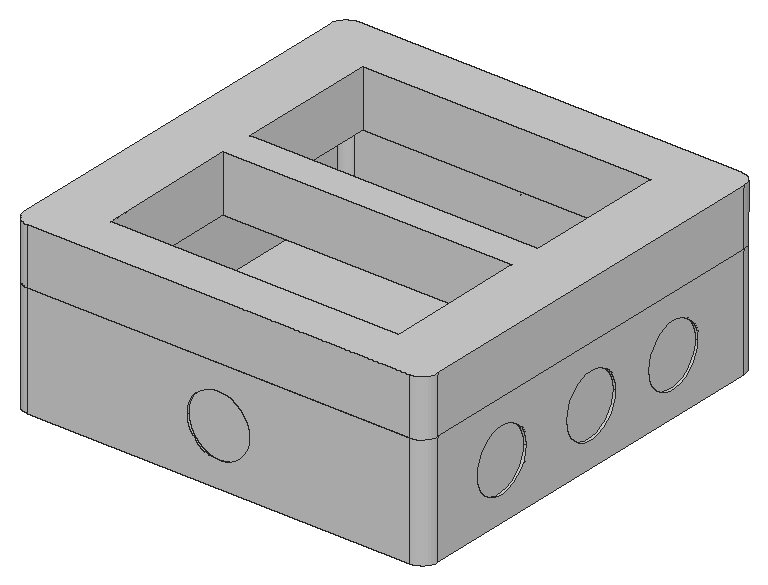
Revit family "Domotics-DomesticRanges-GEWISS-27COMBI_SYSTEM-IP40_2P+2P_4P+4P_VERTICAL", category Apparecchi elettrici, host Superficie, Revit 2016
Family settings
  Host = Superficie
  Mantenere orientamento annotazione = Sì
  Tipo di parte = Normale
  Quota connettore circolare = Usa diametro
  Numero OmniClass = 23.80.30.14.24
  Titolo OmniClass = Junction Boxes
  Taglio con vuoti quando caricato = Sì
  Condiviso = No
  Punto di calcolo locali = No
Parameters (values of type "GW27023 - 4x2 gangs vertical")
  Version file RFA = "19.4"
  URL = "https://www.gewiss.com/ww/en"
  Type of knockout holes = "Removable with tool"
  Torque screws tightening = "0,8NM"
  Tipo = SYSTEM CONTENITORI IP40 2P V_BASE : GW27023 - 4x2 posti verticali
  Thermo-pressure with ball = "70 °C"
  Technical sheet = "https://www.gewiss.com/ww/en/search?q=GW27023"
  Standard; = "EN 60670-1"
  Shock resistance = "IK07"
  SEO = "Enclosure"
  SCATOLA = GEWISS GRIGIO
  Realized by GEWISS S.p.A. = ""
  Produttore = "GEWISS S.p.A."
  Outer dim. LxHxD (mm) = "132x132x55"
  Offset contenitore [instance] = 0 mm
  Offset bidimensionale [instance] = Offset contenitore + 55 mm  # 55 mm
  No. knockout holes Ã˜23 = "10 on sides / 2 on the bottom"
  No. knockout holes Ã˜ 23 = "10"
  Modello = "GW27023"
  Lid screws = "Corrosion-resistant steel"
  Larghezza scatola = 132 mm
  Insulation class = "II"
  Installation temperature = "-25 +60 °C"
  IP degree = "IP40"
  IFC.TypeObject = ""
  IFC.ExportType = ""
  IFC.ExportAs = ""
  IDT = "4d4beacb-d2a6-41e4-b355-89df3d8816e0"
  IDF = "72868545-ab61-4fad-907f-e0b3bef43cf3"
  Glow Wire Test = "650°C"
  Electrocod = "0212"
  EAN code = "8011564055346"
  Distanza simbolo [instance] = 231.658 mm
  Default Elevation = 1219.2 mm
  Immagine tipo = GW27021.jpg
  Dimensions LxHxD (mm) = "132x132x55"
  Descrizione = "VERT.8(2X4) GANG ENCLOSURE IP40"
  Description: = "8 gang"
  Configuration = "Module 4 x 2"
  Compartment pre-arrangement = "2"
  Colour = "Grey RAL 7035"
  Characteristics = "Halogen free"
  Catalogue Range = "27COMBI"
  Catalogue = "DOMOTICS"
  COBie.Tagnumber = ""
  COBie.CreatedOn = ""
  COBie.CreatebBy = ""
  COBie.ComponentRegisterItemID = ""
  COBie.Component.TagNumber = ""
  COBie.Component.Space = ""
  COBie.Component.SerialNumber = ""
  COBie.Component.InstallationDate = ""
  COBie.Component.Description = ""
  COBie.Component.BarCode = ""
  Bidimensionale = bidimensionale system contenitori IP40 2PV : 4P
  Altezza simbolo [instance] = 102.729 mm
Types (2, lengths in mm): name | Tipo | Technical sheet | Outer dim. LxHxD (mm) | No. knockout holes Ã˜23 | No. knockout holes Ã˜ 23 | Modello | Larghezza scatola | IDT | EAN code | Dimensions LxHxD (mm) | Descrizione | Description: | Configuration | Compartment pre-arrangement | Bidimensionale
  GW27021 - 2x2 gangs vertical | SYSTEM CONTENITORI IP40 2P V_BASE : GW27021 - 2x2 posti verticali | "https://www.gewiss.com/ww/en/search?q=GW27021" | "82x132x55" | "8 on sides / 1 on the bottom" | "8" | "GW27021" | 82 | "6e7f8601-3478-4fb6-9b79-c6df41029a42" | "8011564055322" | "82x132x55" | "VERT.4(2X2) GANG ENCLOSURE IP40" | "4 gang" | "Module 2 x 2" | "1" | bidimensionale system contenitori IP40 2PV : 2P
  GW27023 - 4x2 gangs vertical | SYSTEM CONTENITORI IP40 2P V_BASE : GW27023 - 4x2 posti verticali | "https://www.gewiss.com/ww/en/search?q=GW27023" | "132x132x55" | "10 on sides / 2 on the bottom" | "10" | "GW27023" | 132 | "4d4beacb-d2a6-41e4-b355-89df3d8816e0" | "8011564055346" | "132x132x55" | "VERT.8(2X4) GANG ENCLOSURE IP40" | "8 gang" | "Module 4 x 2" | "2" | bidimensionale system contenitori IP40 2PV : 4P
Reference planes
  plane 1 "Centro (Fronte/Retro)": y = 0
  plane 2: z = 0
  plane 3 "Centro (Sinistra/Destra)": x = 0
  plane 4: z = 0
  plane 5 "piano bidimensionale": z = 55
  plane 6: y = 66
  plane 7: y = -66
  plane 8: x = -66
  plane 9: x = 66
Forms (mm)
  Extrusion 1, solid, material "GEWISS GRIGIO" <- "SCATOLA", detail levels coarse
    sketch origin (0, 0, 55) x (0, -1, 0) y (1, 0, 0)
      loop
        arc (-66, -61) -> (-64.536, -64.536) -> (-61, -66) r 5
        line (-61, -66) -> (61, -66)
        arc (61, -66) -> (64.536, -64.536) -> (66, -61) r 5
        line (66, -61) -> (66, 61)
        arc (66, 61) -> (64.536, 64.536) -> (61, 66) r 5
        line (61, 66) -> (-61, 66)
        arc (-61, 66) -> (-64.536, 64.536) -> (-66, 61) r 5
        line (-66, 61) -> (-66, -61)
    from -55 to 0
Lines and regions (mm)
  Masking region 1
    outline origin (0, 0, 0) x (1, 0, 0) y (0, 0, 1)
      loop
        line (-66, 0) -> (66, 0) -> (66, 55) -> (-66, 55) -> (-66, 0)
  Masking region 2
    outline origin (0, 0, 0) x (0, 1, 0) y (0, 0, 1)
      loop
        line (66, 55) -> (-66, 55) -> (-66, 0) -> (66, 0) -> (66, 55)
  Masking region 3, detail levels medium+fine
    outline origin (0, 0, 0) x (1, 0, 0) y (0, 0, 1)
      loop
        circle (0, 18.298) r 10
  Masking region 4, detail levels medium+fine
    outline origin (0, 0, 0) x (0, 1, 0) y (0, 0, 1)
      loop
        circle (0, 18.001) r 10
      loop
        circle (32.689, 18.001) r 10
      loop
        circle (-35.814, 18.001) r 10
Dimensions and locks
  "Offset contenitore": plane 4 to host face
  "Offset bidimensionale": plane 5 "piano bidimensionale" to plane 2
  "Larghezza scatola": plane 8 to plane 9
  equal spacing: plane 8, plane 3 "Centro (Sinistra/Destra)", plane 9
  equal spacing: plane 6, plane 1 "Centro (Fronte/Retro)", plane 7
  locked: plane 6 to plane 7 at 132
  aligned and locked: plane 2 to host face
  aligned and locked: level to host face
  aligned and locked: Extrusion 1 to plane 4
  aligned and locked: plane 5 "piano bidimensionale" to Extrusion 1
  aligned and locked: plane 4 to Extrusion 1  (x5)
  aligned and locked: plane 6 to Extrusion 1
  aligned and locked: Extrusion 1 to plane 8
  aligned and locked: Extrusion 1 to plane 7
  aligned and locked: plane 3 "Centro (Sinistra/Destra)" to nested 1
  aligned and locked: plane 1 "Centro (Fronte/Retro)" to nested 1
  aligned and locked: plane 9 to Extrusion 1 sketch curve
  aligned and locked: Extrusion 1 sketch curve to plane 8
  aligned and locked: plane 5 "piano bidimensionale" to nested 1
  aligned and locked: plane 3 "Centro (Sinistra/Destra)" to nested 2
  aligned and locked: plane 1 "Centro (Fronte/Retro)" to nested 2
  aligned and locked: nested 2 to plane 4
  aligned and locked: Masking region 1 sketch curve to Extrusion 1  (x3)
  aligned and locked: Masking region 1 sketch curve to nested 2
  aligned and locked: Masking region 2 sketch curve to Extrusion 1  (x3)
  aligned and locked: Masking region 2 sketch curve to nested 2
Automatic sketch dimensions
  host sketch curve to host sketch curve = 2438.4 mm  (x2)
  Extrusion 1 sketch curve to Extrusion 1 sketch curve = 5 mm  (x4)
  plane 1 "Centro (Fronte/Retro)" to Extrusion 1 sketch curve = 61 mm
  Extrusion 1 sketch curve to plane 1 "Centro (Fronte/Retro)" = 61 mm
  Masking region 3 sketch curve to plane 3 "Centro (Sinistra/Destra)" = 0 mm
  plane 4 to Masking region 3 sketch curve = 18.298 mm
  plane 1 "Centro (Fronte/Retro)" to Masking region 4 sketch curve = 0 mm
  plane 1 "Centro (Fronte/Retro)" to Masking region 4 sketch curve = 35.814 mm
  Masking region 4 sketch curve to Masking region 4 sketch curve = 32.689 mm
  plane 4 to Masking region 4 sketch curve = 18.001 mm  (x3)
  radius of Masking region 3 sketch curve = 10 mm
  radius of Masking region 4 sketch curve = 10 mm  (x3)
Nested families
  nested 1: "bidimensionale system contenitori IP40 2PV" at (0, 0, 55), type <- "Bidimensionale", type "4P", detail levels coarse
  nested 2: "SYSTEM CONTENITORI IP40 2P V_BASE" at (0, 0, 0), type <- "Tipo", type "GW27023 - 4x2 posti verticali"
Connectors
  cabletrayconduit at (-65.075, 32.75, 18), diameter 20
    settings: on nested 2, index 1, connector width 300 mm, connector height 300 mm, connector angle 0.00°, system type 32, placement type 0, profile type 0, connector reference index -1, is primary connector yes, connector utility param no, connector description ""
  cabletrayconduit at (-65.075, 0, 18), diameter 20
    settings: on nested 2, index 2, connector width 300 mm, connector height 300 mm, connector angle 0.00°, system type 32, placement type 0, profile type 0, connector reference index -1, is primary connector no, connector utility param no, connector description ""
  cabletrayconduit at (0, 66, 18), diameter 20
    settings: on nested 2, index 3, connector width 300 mm, connector height 300 mm, connector angle 0.00°, system type 32, placement type 0, profile type 0, connector reference index -1, is primary connector no, connector utility param no, connector description ""
  cabletrayconduit at (-65.075, -35.75, 18), diameter 20
    settings: on nested 2, index 4, connector width 300 mm, connector height 300 mm, connector angle 0.00°, system type 32, placement type 0, profile type 0, connector reference index -1, is primary connector no, connector utility param no, connector description ""
  cabletrayconduit at (0, -65.559, 18), diameter 20
    settings: on nested 2, index 5, connector width 300 mm, connector height 300 mm, connector angle 0.00°, system type 32, placement type 0, profile type 0, connector reference index -1, is primary connector no, connector utility param no, connector description ""
  cabletrayconduit at (64.922, -35.75, 18), diameter 20
    settings: on nested 2, index 6, connector width 300 mm, connector height 300 mm, connector angle 0.00°, system type 32, placement type 0, profile type 0, connector reference index -1, is primary connector no, connector utility param no, connector description ""
  cabletrayconduit at (64.922, 0, 18), diameter 20
    settings: on nested 2, index 7, connector width 300 mm, connector height 300 mm, connector angle 0.00°, system type 32, placement type 0, profile type 0, connector reference index -1, is primary connector no, connector utility param no, connector description ""
  cabletrayconduit at (66, 32.75, 18), diameter 20
    settings: on nested 2, index 8, connector width 300 mm, connector height 300 mm, connector angle 0.00°, system type 32, placement type 0, profile type 0, connector reference index -1, is primary connector no, connector utility param no, connector description ""
Definition of nested family "SYSTEM CONTENITORI IP40 2P V_BASE"
  Parameters (values of type "GW27021 - 2x2 posti verticali")
    SCATOLA = none
    PRESA = none
    Profondità scatola = 55 mm  # constant formula
    Larghezza scatola = 82 mm
    Larghezza foro = 46 mm
    Bidimensionale = 70 mm
    Altezza scatola = 132 mm  # constant formula
    Altezza foro = 45 mm
  Types (2, lengths in mm): name | Larghezza scatola | Larghezza foro
    GW27021 - 2x2 posti verticali | 82 | 46
    GW27023 - 4x2 posti verticali | 132 | 92
  Reference planes
    plane 1 "Centro (Fronte/Retro)": y = 0
    plane 2: z = 0
    plane 3 "Centro (Sinistra/Destra)": x = 0
    plane 4: y = -66
    plane 5: y = 66
    plane 6: x = -41
    plane 7: x = 41
    plane 8 "PIANO BIDIMENSIONALE": z = 70
    plane 9: z = 55
    plane 10: x = -23
    plane 11: x = 23
    plane 12: y = 48.75
    plane 13: y = 3.75
    plane 14: y = -6.75
    plane 15: y = -51.75
  Forms (mm)
    Extrusion 1, solid, material <- "SCATOLA", detail levels medium+fine
      sketch origin (0, 0, 66) x (0, -1, 0) y (1, 0, 0)
        loop
          arc (-66, -36) -> (-64.536, -39.536) -> (-61, -41) r 5
          line (-61, -41) -> (61, -41)
          arc (61, -41) -> (64.536, -39.536) -> (66, -36) r 5
          line (66, -36) -> (66, 36)
          arc (66, 36) -> (64.536, 39.536) -> (61, 41) r 5
          line (61, 41) -> (-61, 41)
          arc (-61, 41) -> (-64.536, 39.536) -> (-66, 36) r 5
          line (-66, 36) -> (-66, -36)
        loop
          line (61, 39) -> (-61, 39)
          arc (-61, 39) -> (-63.121, 38.121) -> (-64, 36) r 3
          line (-64, 36) -> (-64, -36)
          arc (-64, -36) -> (-63.121, -38.121) -> (-61, -39) r 3
          line (-61, -39) -> (61, -39)
          arc (61, -39) -> (63.121, -38.121) -> (64, -36) r 3
          line (64, -36) -> (64, 36)
          arc (64, 36) -> (63.121, 38.121) -> (61, 39) r 3
      from -66 to -30
    Extrusion 2, solid, material <- "SCATOLA", detail levels medium+fine
      sketch origin (0, 0, 56) x (0, -1, 0) y (1, 0, 0)
        loop
          line (-61, -41) -> (61, -41)
          arc (61, -41) -> (64.536, -39.536) -> (66, -36) r 5
          line (66, -36) -> (66, 36)
          arc (66, 36) -> (64.536, 39.536) -> (61, 41) r 5
          line (61, 41) -> (-61.002, 41)
          arc (-61.002, 41) -> (-64.536, 39.535) -> (-66, 36) r 5
          line (-66, 36) -> (-66, -36)
          arc (-66, -36) -> (-64.536, -39.536) -> (-61, -41) r 5
        loop
          line (51.75, 23) -> (6.75, 23) -> (6.75, -23) -> (51.75, -23) -> (51.75, 23)
        loop
          line (-48.75, -23) -> (-3.75, -23) -> (-3.75, 23) -> (-48.75, 23) -> (-48.75, -23)
      from -20 to -2
    Extrusion 3, void, detail levels medium+fine
      sketch origin (0, 0, 0) x (0, 1, 0) y (0, 0, 1)
        loop
          circle (0, 18) r 10
        loop
          circle (32.75, 18) r 10
        loop
          circle (-35.75, 18) r 10
      from 39.922 to 41
    Extrusion 4, void, detail levels medium+fine
      sketch origin (0, 25.408, 0) x (1, 0, 0) y (0, 0, -1)
        loop
          circle (0, -18) r 10
      from 39.592 to 40.592
    Extrusion 5, void, detail levels medium+fine
      sketch origin (-81, 0, 0) x (0, 1, 0) y (0, 0, 1)
        loop
          circle (0, 18) r 10
        loop
          circle (32.75, 18) r 10
        loop
          circle (-35.75, 18) r 10
      from 40 to 40.925
    Extrusion 6, void
      sketch origin (0, 0, 0) x (1, 0, 0) y (0, 0, 1)
        loop
          circle (0, 18) r 10
      from 65.559 to 66
    Extrusion 7, solid, material <- "SCATOLA", detail levels medium+fine
      sketch origin (0, 0, 0) x (1, 0, 0) y (0, 1, 0)
        loop
          line (-39, 61) -> (-39, -61)
          arc (-39, -61) -> (-38.121, -63.121) -> (-36, -64) r 3
          line (-36, -64) -> (36, -64)
          arc (36, -64) -> (38.121, -63.121) -> (39, -61) r 3
          line (39, -61) -> (39, 61)
          arc (39, 61) -> (38.121, 63.121) -> (36, 64) r 3
          line (36, 64) -> (-36, 64)
          arc (-36, 64) -> (-38.121, 63.121) -> (-39, 61) r 3
      from 0 to 2
  Cuts and joins
    Extrusion 3, Extrusion 4, Extrusion 5, Extrusion 6 cuts Extrusion 1
  Lines and regions (mm)
    Masking region 1
      outline origin (0, 0, 70) x (-1, 0, 0) y (0, -1, 0)
        loop
          circle (-36, -61) r 2
        loop
          line (23, -48.75) -> (23, -3.75) -> (-23, -3.75) -> (-23, -48.75) -> (23, -48.75)
        loop
          circle (36, 61) r 2
        loop
          line (23, 6.75) -> (23, 51.75) -> (-23, 51.75) -> (-23, 6.75) -> (23, 6.75)
        loop
          circle (36, -61) r 2
        loop
          circle (-36, 61) r 2
    Masking region 2
      outline origin (0, 0, 70) x (-1, 0, 0) y (0, -1, 0)
        loop
          circle (-36, -61) r 2
        loop
          line (23, 6.75) -> (23, 51.75) -> (-23, 51.75) -> (-23, 6.75) -> (23, 6.75)
        loop
          line (41, -61) -> (41, 61)
          arc (41, 61) -> (39.536, 64.536) -> (36, 66) r 5
          line (36, 66) -> (-36, 66)
          arc (-36, 66) -> (-39.536, 64.536) -> (-41, 61) r 5
          line (-41, 61) -> (-41, -61)
          arc (-41, -61) -> (-39.536, -64.536) -> (-36, -66) r 5
          line (-36, -66) -> (36, -66)
          arc (36, -66) -> (39.536, -64.536) -> (41, -61) r 5
        loop
          circle (36, 61) r 2
        loop
          line (23, -3.75) -> (-23, -3.75) -> (-23, -48.75) -> (23, -48.75) -> (23, -3.75)
        loop
          circle (36, -61) r 2
        loop
          circle (-36, 61) r 2
  Dimensions and locks
    equal spacing: plane 4, plane 1 "Centro (Fronte/Retro)", plane 5
    plane 4 to plane 5 = 132 mm
    equal spacing: plane 6, plane 3 "Centro (Sinistra/Destra)", plane 7
    "Larghezza scatola": plane 6 to plane 7
    equal spacing: plane 5, plane 1 "Centro (Fronte/Retro)", plane 4
    "Altezza scatola": plane 5 to plane 4
    "Bidimensionale": plane 8 "PIANO BIDIMENSIONALE" to level
    "Profondità scatola": plane 9 to plane 2
    equal spacing: plane 10, plane 3 "Centro (Sinistra/Destra)", plane 11
    "Larghezza foro": plane 10 to plane 11
    "Altezza foro": plane 14 to plane 15
    locked: Extrusion 2 to cut or joined group of Extrusion 1, Extrusion 3, Extrusion 4, Extrusion 5, Extrusion 6 at 0.925
    locked: cut or joined group of Extrusion 1, Extrusion 3, Extrusion 4, Extrusion 5, Extrusion 6 to Extrusion 2 at 1.078
    "Altezza foro": plane 12 to plane 13
    aligned and locked: level to plane 2
    aligned and locked: Extrusion 2 to plane 6
    aligned and locked: plane 7 to Extrusion 2
    aligned and locked: Extrusion 2 to plane 4
    aligned and locked: plane 5 to Extrusion 2
    aligned and locked: Extrusion 2 to Extrusion 1
    aligned and locked: Masking region 1 sketch curve to plane 10
    aligned and locked: Masking region 1 sketch curve to plane 11
    aligned and locked: Masking region 2 to plane 10
    aligned and locked: Masking region 2 to plane 11
    aligned and locked: plane 7 to Extrusion 3
    aligned and locked: plane 5 to Extrusion 4
    aligned and locked: Extrusion 2 to Masking region 1
    aligned and locked: Masking region 1 to Extrusion 2
    aligned and locked: Extrusion 2 to plane 14
    aligned and locked: plane 15 to Extrusion 2 sketch curve
    aligned and locked: Extrusion 2 sketch curve to plane 12
    aligned and locked: plane 10 to Extrusion 2 sketch curve
    aligned and locked: plane 13 to Extrusion 2 sketch curve
    aligned and locked: Extrusion 2 sketch curve to Masking region 2
    aligned and locked: Masking region 1 sketch curve to Extrusion 2  (x5)
    aligned and locked: plane 13 to Masking region 1 sketch curve
    aligned and locked: plane 15 to Masking region 2
    aligned and locked: Extrusion 6 to plane 4
    aligned and locked: Extrusion 7 to cut or joined group of Extrusion 1, Extrusion 3, Extrusion 4, Extrusion 5, Extrusion 6  (x4)
    aligned and locked: Extrusion 5 to plane 6
    aligned and locked: cut or joined group of Extrusion 1, Extrusion 3, Extrusion 4, Extrusion 5, Extrusion 6 to plane 2
    aligned and locked: Extrusion 1 to Extrusion 2
    aligned and locked: Extrusion 1 to level
  Automatic sketch dimensions
    Extrusion 1 sketch curve to plane 5 = 0 mm
    Extrusion 1 sketch curve to plane 6 = 0 mm
    Extrusion 1 sketch curve to plane 7 = 0 mm
    Extrusion 1 sketch curve to plane 4 = 0 mm
    Extrusion 1 sketch curve to Extrusion 1 sketch curve = 5 mm  (x2)
    plane 4 to Extrusion 1 sketch curve = 5 mm  (x2)
    Extrusion 2 sketch curve to plane 5 = 0 mm
    Extrusion 2 sketch curve to plane 7 = 0 mm
    Extrusion 2 sketch curve to plane 6 = 0 mm
    Extrusion 2 sketch curve to plane 10 = 0 mm
    Extrusion 2 sketch curve to plane 14 = 0 mm
    Extrusion 2 sketch curve to plane 4 = 0 mm
    Extrusion 2 sketch curve to plane 11 = 0 mm
    Extrusion 2 sketch curve to plane 5 = 4.998 mm
    Extrusion 2 sketch curve to Extrusion 2 sketch curve = 5 mm  (x2)
    plane 4 to Extrusion 2 sketch curve = 5 mm  (x2)
    Extrusion 3 sketch curve to plane 1 "Centro (Fronte/Retro)" = 0 mm
    plane 15 to Extrusion 3 sketch curve = 16 mm
    Extrusion 3 sketch curve to plane 12 = 16 mm
    level to Extrusion 3 sketch curve = 18 mm  (x3)
    Extrusion 4 sketch curve to plane 3 "Centro (Sinistra/Destra)" = 0 mm
    level to Extrusion 4 sketch curve = 18 mm
    Masking region 2 sketch curve to Masking region 2 sketch curve = 0 mm  (x8)
    Masking region 2 sketch curve to plane 7 = 0 mm
    Masking region 2 sketch curve to plane 5 = 0 mm
    Masking region 2 sketch curve to plane 4 = 0 mm
    Masking region 2 sketch curve to plane 11 = 0 mm  (x2)
    Masking region 2 sketch curve to plane 10 = 0 mm  (x2)
    Masking region 2 sketch curve to plane 6 = 0 mm
    Masking region 2 sketch curve to plane 12 = 0 mm
    Masking region 2 sketch curve to plane 13 = 0 mm
    Masking region 2 sketch curve to plane 14 = 0 mm
    Masking region 2 sketch curve to plane 15 = 0 mm
    Masking region 2 sketch curve to Masking region 2 sketch curve = 5 mm
    plane 4 to Masking region 2 sketch curve = 5 mm  (x2)
    plane 6 to Masking region 2 sketch curve = 5 mm
    Masking region 2 sketch curve to Masking region 2 sketch curve = 2 mm  (x3)
    Extrusion 5 sketch curve to plane 1 "Centro (Fronte/Retro)" = 0 mm
    plane 15 to Extrusion 5 sketch curve = 16 mm
    Extrusion 5 sketch curve to plane 12 = 16 mm
    level to Extrusion 5 sketch curve = 18 mm  (x3)
    Extrusion 6 sketch curve to Extrusion 6 sketch curve = 0 mm  (x2)
    Extrusion 6 sketch curve to plane 3 "Centro (Sinistra/Destra)" = 0 mm
    level to Extrusion 6 sketch curve = 18 mm
    Extrusion 6 sketch curve to plane 3 "Centro (Sinistra/Destra)" = 10 mm
    Masking region 1 sketch curve to plane 7 = 5 mm  (x2)
    plane 6 to Masking region 1 sketch curve = 5 mm  (x2)
    Masking region 1 sketch curve to plane 5 = 5 mm  (x2)
    plane 4 to Masking region 1 sketch curve = 5 mm  (x2)
    Extrusion 1 sketch curve to Extrusion 1 sketch curve = 0 mm  (x7)
    Extrusion 1 sketch curve to Extrusion 1 sketch curve = 2 mm
    plane 6 to Extrusion 7 sketch curve = 2 mm
    plane 4 to Extrusion 7 sketch curve = 2 mm
    Extrusion 7 sketch curve to Extrusion 7 sketch curve = 3 mm  (x2)
    Extrusion 7 sketch curve to plane 7 = 5 mm  (x2)
    Extrusion 7 sketch curve to plane 7 = 2 mm
    Extrusion 7 sketch curve to plane 5 = 5 mm
    radius of Extrusion 3 sketch curve = 10 mm  (x3)
    radius of Extrusion 4 sketch curve = 10 mm
    radius of Masking region 2 sketch curve = 2 mm
    radius of Extrusion 5 sketch curve = 10 mm  (x3)
    radius of Masking region 1 sketch curve = 2 mm  (x4)
Definition of nested family "bidimensionale system contenitori IP40 2PV"
  Parameters (values of type "4P")
    Larghezza scatola = 132 mm
    Larghezza foro = 92 mm
    Altezza scatola = 132 mm
    Altezza foro = 45 mm  # constant formula
  Types (2, lengths in mm): name | Larghezza scatola | Larghezza foro
    2P | 82 | 46
    4P | 132 | 92
  Reference planes
    plane 1 "Centro (Fronte/Retro)": y = 0
    plane 2: z = 0
    plane 3 "Centro (Sinistra/Destra)": x = 0
    plane 4: x = -66
    plane 5: x = 66
    plane 6: y = 66
    plane 7: y = -66
    plane 8: x = 46
    plane 9: x = -46
    plane 10: y = -51.75
    plane 11: y = -6.75
    plane 12: y = 48.75
    plane 13: y = 3.75
  Lines and regions (mm)
    model lines
      curve 1: line (-66, -61, 0) -> (-66, 61, 0)
      curve 2: arc (-66, 61, 0) -> (-64.536, 64.536, 0) -> (-61, 66, 0) r 5
      curve 3: line (-61, 66, 0) -> (61, 66, 0)
      curve 4: arc (61, 66, 0) -> (64.536, 64.536, 0) -> (66, 61, 0) r 5
      curve 5: line (66, 61, 0) -> (66, -61, 0)
      curve 6: arc (66, -61, 0) -> (64.536, -64.536, 0) -> (61, -66, 0) r 5
      curve 7: line (61, -66, 0) -> (-61, -66, 0)
      curve 8: arc (-61, -66, 0) -> (-64.536, -64.536, 0) -> (-66, -61, 0) r 5
      curve 9: circle (-61, 61, 0) r 2 normal (0, 0, 1)
      curve 10: circle (61, 61, 0) r 2 normal (0, 0, 1)
      curve 11: circle (61, -61, 0) r 2 normal (0, 0, 1)
      curve 12: circle (-61, -61, 0) r 2 normal (0, 0, 1)
      curve 13: line (46, -51.75, 0) -> (-46, -51.75, 0)
      curve 14: line (-46, -51.75, 0) -> (-46, -6.75, 0)
      curve 15: line (-46, -6.75, 0) -> (-46, -5.75, 0)
      curve 16: arc (-46, -5.75, 0) -> (-45.414, -4.336, 0) -> (-44, -3.75, 0) r 2
      curve 17: line (-44, -3.75, 0) -> (44, -3.75, 0)
      curve 18: arc (44, -3.75, 0) -> (45.414, -4.336, 0) -> (46, -5.75, 0) r 2
      curve 19: line (46, -5.75, 0) -> (46, -51.75, 0)
      curve 20: line (-46, -6.75, 0) -> (46, -6.75, 0)
      curve 21: line (46, 3.75, 0) -> (-46, 3.75, 0)
      curve 22: line (-46, 3.75, 0) -> (-46, 48.75, 0)
      curve 23: line (-46, 48.75, 0) -> (-46, 49.75, 0)
      curve 24: arc (-46, 49.75, 0) -> (-45.414, 51.164, 0) -> (-44, 51.75, 0) r 2
      curve 25: line (-44, 51.75, 0) -> (44, 51.75, 0)
      curve 26: arc (44, 51.75, 0) -> (45.414, 51.164, 0) -> (46, 49.75, 0) r 2
      curve 27: line (46, 49.75, 0) -> (46, 3.75, 0)
      curve 28: line (-46, 48.75, 0) -> (46, 48.75, 0)
  Dimensions and locks
    equal spacing: plane 6, plane 1 "Centro (Fronte/Retro)", plane 7
    equal spacing: plane 4, plane 3 "Centro (Sinistra/Destra)", plane 5
    "Altezza scatola": plane 6 to plane 7
    "Larghezza scatola": plane 4 to plane 5
    equal spacing: plane 9, plane 3 "Centro (Sinistra/Destra)", plane 8
    "Larghezza foro": plane 9 to plane 8
    "Altezza foro": plane 11 to plane 10
    "Altezza foro": plane 12 to plane 13
    plane 13 to plane 1 "Centro (Fronte/Retro)" = 3.75 mm
    aligned and locked: level to plane 2
  Automatic sketch dimensions
    plane 4 to curve 3 = 5 mm
    curve 1 to curve 8 = 5 mm
    curve 3 to plane 5 = 5 mm
    curve 6 to curve 5 = 5 mm
    curve 2 to curve 9 = 0 mm  (x3)
    curve 4 to curve 10 = 0 mm  (x3)
    curve 6 to curve 11 = 0 mm  (x4)
    curve 8 to curve 12 = 0 mm  (x4)
    plane 11 to curve 16 = 1 mm
    plane 9 to curve 16 = 2 mm
    plane 11 to curve 18 = 1 mm
    plane 12 to curve 24 = 1 mm
    plane 9 to curve 24 = 2 mm
    plane 12 to curve 26 = 1 mm
    curve 1 to plane 4 = 0 mm
    curve 23 to plane 9 = 0 mm
    curve 15 to plane 9 = 0 mm
    curve 18 to plane 8 = 0 mm
    curve 27 to plane 8 = 0 mm
    curve 6 to plane 7 = 0 mm
    curve 5 to plane 5 = 0 mm
    curve 19 to plane 10 = 0 mm
    curve 20 to plane 11 = 0 mm
    curve 27 to plane 13 = 0 mm
    curve 28 to plane 12 = 0 mm
    curve 3 to plane 6 = 0 mm
    radius of curve 9 = 2 mm
    radius of curve 10 = 2 mm
    radius of curve 11 = 2 mm
    radius of curve 12 = 2 mm
